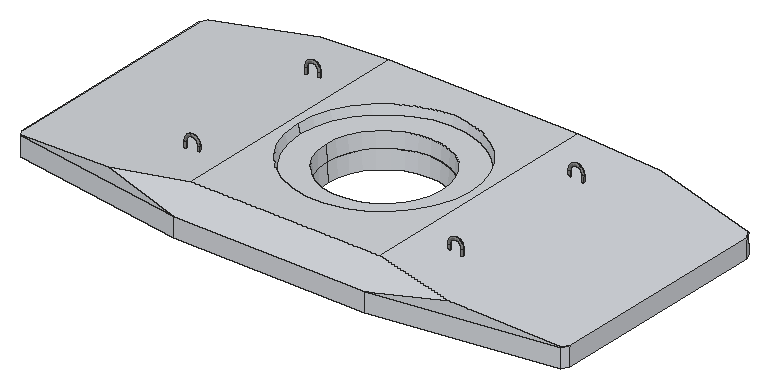
Revit family "110402-00006 Плита перекрытия колодца ККСр-5 ОП-5", category Обобщенные модели, Revit 2019
Family settings
  Может служить основой для арматурных стержней = Нет
  Размер круглого соединителя = Использовать диаметр
  Тип детали = Нормальный
  На основе рабочей плоскости = Нет
  Всегда вертикально = Да
  При загрузке вырезать с полостями = Нет
  Общий = Нет
  Точка расчета площади = Нет
Parameters (values of type "Плита перекрытия колодца ККСр-5 "ОП-5"")
  Ширина2 [instance] = 125 mm
  Ширина1 [instance] = 100 mm
  Ширина [instance] = 600.406 mm
  Длина [instance] = 2910 mm
  Высота [instance] = 1525 mm
  ADSK_Ссылка на сайт = "https://www.ssd.ru/plita-opornaya-op-5"
  ADSK_Сертификат соответствия = "https://www.ssd.ru/upload/iblock/ec0/sert_b25_0221.pdf"
  ADSK_Наименование = "Плита перекрытия колодца ККСр-5 \"ОП-5\""
  ADSK_Масса = "1620"
  ADSK_Марка бетона = "В25"
  ADSK_Марка = "ККСр-5 \"ОП-5\""
  ADSK_Код изделия = "110402-00006"
  ADSK_Изготовитель = "АО СВЯЗЬСТРОЙДЕТАЛЬ"
Reference planes
  plane 1 "По центру (Вперед/Назад)": y = 0
  plane 2: z = 0
  plane 3 "По центру (Влево/Вправо)": x = 0
  plane 4: x = -1455
  plane 5: x = 1455
  plane 6: y = -762.5
  plane 7: y = 762.5
  plane 8: z = 0
  plane 9: z = 100
  plane 10: z = 225
  plane 11: z = 180
Forms (mm)
  Extrusion 1, solid
    sketch origin (0, 0, 0) x (1, 0, 0) y (0, 1, 0)
      loop
        line (-1455, 762.5) -> (-1455, -762.5) -> (1455, -762.5) -> (1455, 762.5) -> (-1455, 762.5)
    from 0 to 100
  Extrusion 2, void
    sketch origin (0, 0, 0) x (1, 0, 0) y (0, 1, 0)
      loop
        line (-1455, 587.5) -> (-1433, 622.5) -> (-508, 762.5) -> (-1455, 762.5) -> (-1455, 587.5)
    from 0 to 100
  Blend 3, solid
    base sketch origin (0, 0, 0) x (1, 0, 0) y (0, 1, 0)
      loop
        line (-1455, 762.5) -> (-1455, -762.5) -> (1455, -762.5) -> (1455, 762.5) -> (-1455, 762.5)
    top sketch origin (0, 0, 0) x (1, 0, 0) y (0, 1, 0)
      loop
        line (-500, 657.5) -> (-500, -657.5) -> (500, -657.5) -> (500, 657.5) -> (-500, 657.5)
    from 100 to 225
  Extrusion 4, void
    sketch origin (0, 0, 0) x (1, 0, 0) y (0, 1, 0)
      loop
        line (-1455, 587.5) -> (-1433, 622.5) -> (-508, 762.5) -> (-1455, 762.5) -> (-1455, 587.5)
    from 0 to 250
  Extrusion 5, void
    sketch origin (0, 0, 0) x (-1, 0, 0) y (0, -1, 0)
      loop
        line (-1455, -587.5) -> (-1455, -762.5) -> (-508, -762.5) -> (-1433, -622.5) -> (-1455, -587.5)
    from 0 to 225
  Extrusion 6, void
    sketch origin (0, 0, 0) x (-1, 0, 0) y (0, -1, 0)
      loop
        line (-1455, 587.5) -> (-1433, 622.5) -> (-508, 762.5) -> (-1455, 762.5) -> (-1455, 587.5)
    from 0 to 250
  Extrusion 7, void
    sketch origin (0, 0, 0) x (1, 0, 0) y (0, 1, 0)
      loop
        line (-1455, -587.5) -> (-1455, -762.5) -> (-508, -762.5) -> (-1433, -622.5) -> (-1455, -587.5)
    from 0 to 250
  Blend 8, void
    base sketch origin (0, 0, 0) x (1, 0, 0) y (0, 1, 0)
      loop
        circle (0, 0) r 447.5
    top sketch origin (0, 0, 0) x (1, 0, 0) y (0, 1, 0)
      loop
        circle (0, 0) r 460
    from 180 to 225
  Blend 9, void
    base sketch origin (0, 0, 0) x (1, 0, 0) y (0, 1, 0)
      loop
        circle (0, 0) r 300
    top sketch origin (0, 0, 0) x (1, 0, 0) y (0, 1, 0)
      loop
        circle (0, 0) r 310
    from 0 to 180
  Sweep 10, solid, material "Новый материал (по умолчанию)", detail levels fine
    path origin (-101.5, 399.5, -32.46) x (-1, 0, 0) y (0, 0, 1)
      loop
        line (632.5, 225) -> (632.5, 260)
        arc (632.5, 260) -> (597.5, 295) -> (562.5, 260) r 35
        line (562.5, 260) -> (562.5, 225)
    profile origin (-734, 399.5, 210.04) x (1, 0, 0) y (0, 1, 0)
      loop
        circle (0, 0) r 6
  Sweep 11, solid, material "Новый материал (по умолчанию)", detail levels fine
    path origin (101.5, 399.5, -31.732) x (1, 0, 0) y (0, 0, -1)
      loop
        line (632.5, -225) -> (632.5, -260)
        arc (632.5, -260) -> (597.5, -295) -> (562.5, -260) r 35
        line (562.5, -260) -> (562.5, -225)
    profile origin (734, 399.5, 210.768) x (1, 0, 0) y (0, 1, 0)
      loop
        circle (0, 0) r 6
  Sweep 12, solid, material "Новый материал (по умолчанию)", detail levels fine
    path origin (101.5, -399.5, -31.732) x (1, 0, 0) y (0, 0, 1)
      loop
        line (632.5, 225) -> (632.5, 260)
        arc (632.5, 260) -> (597.5, 295) -> (562.5, 260) r 35
        line (562.5, 260) -> (562.5, 225)
    profile origin (734, -399.5, 210.768) x (-1, 0, 0) y (0, -1, 0)
      loop
        circle (0, 0) r 6
  Sweep 13, solid, material "Новый материал (по умолчанию)", detail levels fine
    path origin (-101.5, -399.5, -32.46) x (-1, 0, 0) y (0, 0, -1)
      loop
        line (632.5, -225) -> (632.5, -260)
        arc (632.5, -260) -> (597.5, -295) -> (562.5, -260) r 35
        line (562.5, -260) -> (562.5, -225)
    profile origin (-734, -399.5, 210.04) x (-1, 0, 0) y (0, -1, 0)
      loop
        circle (0, 0) r 6
Cuts and joins
  Extrusion 2, Extrusion 4, Extrusion 5, Extrusion 6, Extrusion 7, Blend 8, Blend 9 cuts Extrusion 1
  Extrusion 4, Extrusion 5, Extrusion 6, Extrusion 7, Blend 8, Blend 9 cuts Blend 3
Dimensions and locks
  "Длина": plane 4 to plane 5
  equal spacing: plane 4, plane 3 "По центру (Влево/Вправо)", plane 5
  "Высота": plane 7 to plane 6
  equal spacing: plane 7, plane 1 "По центру (Вперед/Назад)", plane 6
  "Ширина1": plane 8 to plane 9
  "Ширина2": plane 9 to plane 10
  locked: plane 11 to plane 10 at 45
  aligned and locked: level to plane 2
  aligned and locked: Extrusion 1 to Extrusion 2
  aligned and locked: plane 9 to Extrusion 1
  aligned and locked: Extrusion 1 to level
  aligned and locked: plane 10 to Blend 3
  aligned and locked: Blend 3 to cut or joined group of Extrusion 1, Extrusion 2, Extrusion 4, Extrusion 5, Extrusion 6, Extrusion 7, Blend 8, Blend 9
  aligned and locked: plane 10 to Blend 8
  aligned and locked: Blend 8 to plane 11
  aligned and locked: Blend 9 to cut or joined group of Blend 3, Extrusion 4, Extrusion 5, Extrusion 6, Extrusion 7, Blend 8, Blend 9
  aligned and locked: Blend 9 to level
Automatic sketch dimensions
  Extrusion 1 sketch curve to plane 4 = 0 mm
  Extrusion 1 sketch curve to plane 5 = 0 mm
  Extrusion 1 sketch curve to plane 6 = 0 mm
  Extrusion 1 sketch curve to plane 7 = 0 mm
  Extrusion 2 sketch curve to plane 4 = 0 mm
  Extrusion 2 sketch curve to plane 7 = 0 mm
  plane 4 to Extrusion 2 sketch curve = 22 mm
  Extrusion 2 sketch curve to plane 3 "По центру (Влево/Вправо)" = 508 mm
  Extrusion 2 sketch curve to plane 7 = 140 mm
  Extrusion 2 sketch curve to Extrusion 2 sketch curve = 35 mm
  Blend 3 sketch curve to plane 4 = 0 mm
  Blend 3 sketch curve to plane 5 = 0 mm
  Blend 3 sketch curve to plane 6 = 0 mm
  Blend 3 sketch curve to plane 7 = 0 mm
  plane 6 to Blend 3 sketch curve = 105 mm
  Blend 3 sketch curve to plane 3 "По центру (Влево/Вправо)" = 500 mm
  plane 3 "По центру (Влево/Вправо)" to Blend 3 sketch curve = 500 mm
  Blend 3 sketch curve to plane 7 = 105 mm
  Extrusion 4 sketch curve to plane 4 = 0 mm
  Extrusion 4 sketch curve to plane 7 = 0 mm
  plane 4 to Extrusion 4 sketch curve = 22 mm
  Extrusion 4 sketch curve to plane 3 "По центру (Влево/Вправо)" = 508 mm
  Extrusion 4 sketch curve to plane 7 = 140 mm
  Extrusion 4 sketch curve to Extrusion 4 sketch curve = 35 mm
  Extrusion 5 sketch curve to plane 5 = 0 mm
  Extrusion 5 sketch curve to plane 7 = 0 mm
  plane 5 to Extrusion 5 sketch curve = 22 mm
  Extrusion 5 sketch curve to plane 3 "По центру (Влево/Вправо)" = 508 mm
  plane 7 to Extrusion 5 sketch curve = 140 mm
  Extrusion 5 sketch curve to Extrusion 5 sketch curve = 35 mm
  Extrusion 6 sketch curve to plane 5 = 0 mm
  Extrusion 6 sketch curve to plane 6 = 0 mm
  Extrusion 6 sketch curve to plane 5 = 22 mm
  plane 3 "По центру (Влево/Вправо)" to Extrusion 6 sketch curve = 508 mm
  plane 6 to Extrusion 6 sketch curve = 140 mm
  Extrusion 6 sketch curve to Extrusion 6 sketch curve = 35 mm
  Extrusion 7 sketch curve to plane 4 = 0 mm
  Extrusion 7 sketch curve to plane 6 = 0 mm
  Extrusion 7 sketch curve to plane 4 = 22 mm
  plane 3 "По центру (Влево/Вправо)" to Extrusion 7 sketch curve = 508 mm
  Extrusion 7 sketch curve to plane 6 = 140 mm
  Extrusion 7 sketch curve to Extrusion 7 sketch curve = 35 mm
  plane 1 "По центру (Вперед/Назад)" to Blend 8 sketch curve = 0 mm  (x2)
  Blend 8 sketch curve to plane 3 "По центру (Влево/Вправо)" = 0 mm  (x2)
  plane 1 "По центру (Вперед/Назад)" to Blend 9 sketch curve = 0 mm  (x2)
  Blend 9 sketch curve to plane 3 "По центру (Влево/Вправо)" = 0 mm  (x2)
  Sweep 10 sketch curve to plane 10 = 32.46 mm  (x2)
  plane 10 to Sweep 10 sketch curve = 2.54 mm
  Sweep 10 sketch curve to plane 3 "По центру (Влево/Вправо)" = 664 mm
  Sweep 10 sketch curve to Sweep 10 sketch curve = 35 mm
  Sweep 10 sketch curve to profile plane = 0 mm  (x2)
  Sweep 11 sketch curve to plane 10 = 31.732 mm  (x2)
  plane 10 to Sweep 11 sketch curve = 3.268 mm
  plane 3 "По центру (Влево/Вправо)" to Sweep 11 sketch curve = 664 mm
  Sweep 11 sketch curve to Sweep 11 sketch curve = 35 mm
  Sweep 11 sketch curve to profile plane = 0 mm  (x2)
  Sweep 12 sketch curve to plane 10 = 31.732 mm  (x2)
  plane 10 to Sweep 12 sketch curve = 3.268 mm
  plane 3 "По центру (Влево/Вправо)" to Sweep 12 sketch curve = 664 mm
  Sweep 12 sketch curve to Sweep 12 sketch curve = 35 mm
  Sweep 12 sketch curve to profile plane = 0 mm
  profile plane to Sweep 12 sketch curve = 0 mm
  Sweep 13 sketch curve to plane 10 = 32.46 mm  (x2)
  plane 10 to Sweep 13 sketch curve = 2.54 mm
  Sweep 13 sketch curve to plane 3 "По центру (Влево/Вправо)" = 664 mm
  Sweep 13 sketch curve to Sweep 13 sketch curve = 35 mm
  Sweep 13 sketch curve to profile plane = 0 mm
  profile plane to Sweep 13 sketch curve = 0 mm
  radius of Blend 8 sketch curve = 447.5 mm
  radius of Blend 8 sketch curve = 460 mm
  radius of Blend 9 sketch curve = 300 mm
  radius of Blend 9 sketch curve = 310 mm
  radius of Sweep 10 sketch curve = 6 mm
  radius of Sweep 11 sketch curve = 6 mm
  radius of Sweep 12 sketch curve = 6 mm
  radius of Sweep 13 sketch curve = 6 mm
